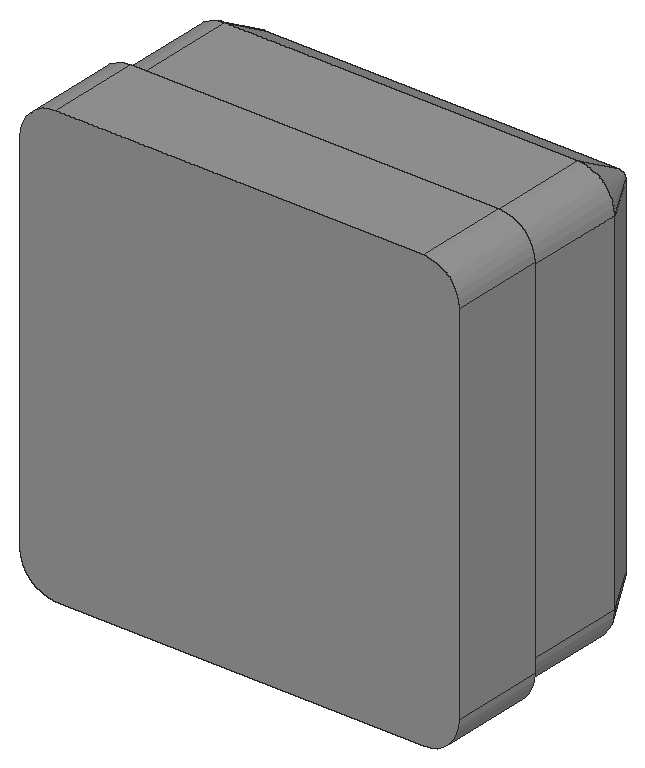
Revit family "IEK_РозеткаТелевизионная_ОткрытойУстановки_1-местная_ОКТАВА", category Устройства связи, Revit 2019
Family settings
  Сохранять ориентацию аннотаций = Да
  Размер круглого соединителя = Использовать диаметр
  Тип детали = Нормальный
  На основе рабочей плоскости = Нет
  Всегда вертикально = Да
  При загрузке вырезать с полостями = Нет
  Общий = Нет
  Точка расчета площади = Нет
Parameters (values of type "РТВ20-ОКм")
  Ширина = 61 mm  # constant formula
  Тип монтажа = "Поверхность монтажа (открытая установка)"  # constant formula
  Тип соединителя или разъема = "TV-SAT"  # constant formula
  Изготовитель = "IEK"  # constant formula
  Дата изменения = ""
  Глубина = 35 mm  # constant formula
  Высота = 61 mm  # constant formula
  ΔХ [instance] = 2000 mm
  ΔY [instance] = 2000 mm
  KSI_CPr_Строительные изделия = ""
  KSI_CMa_Строительные материалы = "01.7.14.03"  # constant formula
  IEK_Цена за единицу = 124.86
  IEK_Поиск в таблице имен = ""
  IEK_Описание = "Универсальный дизайн серии открытой установки \"ОКТАВА\" позволяет устанавливать изделия в квартирах, загородных домах, офисных и производственных помещениях."
  IEK_URL = "https://www.iek.ru/products/catalog/izdeliya_elektroustanovochnye_udliniteli_i_silovye_razemy/elektroustanovochnye_izdeliya/elektroustanovochnye_izdeliya_otkrytogo_montazha_ip20/elektroustanovochnye_izdeliya_oktava/elektroustanovochnye_izdeliya_oktava_tsvet_kremovyy/rozetka_1_mestnaya_dlya_otkrytoy_ustanovki_televizionnaya_rtv20_okm_oktava_kremovyy_iek"
  ADSK_Примечание = ""
  ADSK_Позиция [instance] = ""
  ADSK_Наименование = "Розетка 1-местная для открытой установки телевизионная РТВ20-ОКм ОКТАВА кремовый IEK"
  ADSK_Материал обозначение = ""
  ADSK_Материал наименование = "Пластик"  # constant formula
  ADSK_Материал = Цвет кремовый
  ADSK_Масса = 0.051
  ADSK_Марка = "ОКТАВА"  # constant formula
  ADSK_Код изделия = "EAO10-K33-DC"
  ADSK_Завод-изготовитель = "IEK"  # constant formula
  ADSK_Единица измерения = "шт"  # constant formula
  ADSK_Группирование = "III ЭЛЕКТРОУСТАНОВОЧНЫЕ И ЭЛЕКТРОМОНТАЖНЫЕ ИЗДЕЛИЯ"  # constant formula
  ADSK_Версия семейства = "1.0"  # constant formula
  ADSK_Версия Revit = "2019"  # constant formula
  ADSK_URL страницы изделия = "https://www.iek.ru/products/catalog/izdeliya_elektroustanovochnye_udliniteli_i_silovye_razemy/elektroustanovochnye_izdeliya/elektroustanovochnye_izdeliya_otkrytogo_montazha_ip20/elektroustanovochnye_izdeliya_oktava/"
Types (3, lengths in mm): name | IEK_Цена за единицу | IEK_URL | ADSK_Наименование | ADSK_Материал | ADSK_Масса | ADSK_Код изделия
  (no name) | 124.86 | "https://www.iek.ru/products/catalog/izdeliya_elektroustanovochnye_udliniteli_i_silovye_razemy/elektroustanovochnye_izdeliya/elektroustanovochnye_izdeliya_otkrytogo_montazha_ip20/elektroustanovochnye_izdeliya_oktava/elektroustanovochnye_izdeliya_oktava_tsvet_kremovyy/rozetka_1_mestnaya_dlya_otkrytoy_ustanovki_televizionnaya_rtv20_okm_oktava_kremovyy_iek" | "Розетка 1-местная для открытой установки телевизионная РТВ20-ОКм ОКТАВА кремовый IEK" | Цвет кремовый | 0.051 | "EAO10-K33-DC"
  РТВ20-ОКм | 124.86 | "https://www.iek.ru/products/catalog/izdeliya_elektroustanovochnye_udliniteli_i_silovye_razemy/elektroustanovochnye_izdeliya/elektroustanovochnye_izdeliya_otkrytogo_montazha_ip20/elektroustanovochnye_izdeliya_oktava/elektroustanovochnye_izdeliya_oktava_tsvet_kremovyy/rozetka_1_mestnaya_dlya_otkrytoy_ustanovki_televizionnaya_rtv20_okm_oktava_kremovyy_iek" | "Розетка 1-местная для открытой установки телевизионная РТВ20-ОКм ОКТАВА кремовый IEK" | Цвет кремовый | 0.051 | "EAO10-K33-DC"
  РТВ20-ОС | 165.88 | "https://www.iek.ru/products/catalog/izdeliya_elektroustanovochnye_udliniteli_i_silovye_razemy/elektroustanovochnye_izdeliya/elektroustanovochnye_izdeliya_otkrytogo_montazha_ip20/elektroustanovochnye_izdeliya_oktava/elektroustanovochnye_izdeliya_oktava_tsvet_sosna/rozetka_1_mestnaya_dlya_otkrytoy_ustanovki_televizionnaya_rtv20_os_oktava_sosna_iek" | "Розетка 1-местная для открытой установки телевизионная РТВ20-ОС ОКТАВА сосна IEK" | Цвет сосна | 0.050926 | "EAO10-K03-DC"
Reference planes
  plane 1 "По центру (Вперед/Назад)": y = 0
  plane 2: z = 0
  plane 3 "По центру (Влево/Вправо)": x = 0
  plane 4 "Высота ножек": z = 280
  plane 5 "Высота": z = 2081.496
  plane 6: x = -2000
  plane 7: y = 2000
Forms (mm)
  Extrusion 1, solid, detail levels coarse
    sketch origin (0, -9, 0) x (1, 0, 0) y (0, 1, 0)
      loop
        line (-30.5, 44) -> (-30.5, 9) -> (30.5, 9) -> (30.5, 44) -> (-30.5, 44)
    from 0 to 61
  Extrusion 2, solid, detail levels medium
    sketch origin (0, 34, 0) x (1, 0, 0) y (0, 1, 0)
      loop
        line (-30.5, 1) -> (-30.5, -34) -> (30.5, -34) -> (30.5, 1) -> (-30.5, 1)
    from 0 to 61
  Extrusion 3, solid, material "Цвет кремовый" <- "ADSK_Материал", detail levels fine
    sketch origin (0, 0, 30.5) x (1, 0, 0) y (0, 0, -1)
      loop
        line (-30.5, 25.5) -> (-30.5, -25.5)
        arc (-30.5, -25.5) -> (-29.036, -29.036) -> (-25.5, -30.5) r 5
        line (-25.5, -30.5) -> (25.5, -30.5)
        arc (25.5, -30.5) -> (29.036, -29.036) -> (30.5, -25.5) r 5
        line (30.5, -25.5) -> (30.5, 25.5)
        arc (30.5, 25.5) -> (29.036, 29.036) -> (25.5, 30.5) r 5
        line (25.5, 30.5) -> (-25.5, 30.5)
        arc (-25.5, 30.5) -> (-29.036, 29.036) -> (-30.5, 25.5) r 5
    from 0 to 13
  Extrusion 4, solid, material "Цвет кремовый" <- "ADSK_Материал", detail levels fine
    sketch origin (0, 0, 30.5) x (1, 0, 0) y (0, 0, -1)
      loop
        line (-29.5, 24.462) -> (-29.5, -24.462)
        arc (-29.5, -24.462) -> (-28.024, -28.024) -> (-24.462, -29.5) r 5.038
        line (-24.462, -29.5) -> (24.505, -29.5)
        arc (24.505, -29.5) -> (28.037, -28.037) -> (29.5, -24.505) r 4.995
        line (29.5, -24.505) -> (29.5, 24.505)
        arc (29.5, 24.505) -> (28.037, 28.037) -> (24.505, 29.5) r 4.995
        line (24.505, 29.5) -> (-24.462, 29.5)
        arc (-24.462, 29.5) -> (-28.024, 28.024) -> (-29.5, 24.462) r 5.038
    from 13 to 28
  Blend 5, solid, material "Цвет кремовый" <- "ADSK_Материал", detail levels fine
    base sketch origin (0, 0, 30.5) x (1, 0, 0) y (0, 0, -1)
      loop
        line (-29.5, 24.462) -> (-29.5, -24.462)
        arc (-29.5, -24.462) -> (-28.024, -28.024) -> (-24.462, -29.5) r 5.038
        line (-24.462, -29.5) -> (24.505, -29.5)
        arc (24.505, -29.5) -> (28.037, -28.037) -> (29.5, -24.505) r 4.995
        line (29.5, -24.505) -> (29.5, 24.505)
        arc (29.5, 24.505) -> (28.037, 28.037) -> (24.505, 29.5) r 4.995
        line (24.505, 29.5) -> (-24.462, 29.5)
        arc (-24.462, 29.5) -> (-28.024, 28.024) -> (-29.5, 24.462) r 5.038
    top sketch origin (0, 0, 30.5) x (1, 0, 0) y (0, 0, -1)
      loop
        line (-25.459, 24.5) -> (-25.459, -24.5)
        arc (-25.459, -24.5) -> (-25.178, -25.178) -> (-24.5, -25.459) r 0.959
        line (-24.5, -25.459) -> (24.5, -25.459)
        arc (24.5, -25.459) -> (25.178, -25.178) -> (25.459, -24.5) r 0.959
        line (25.459, -24.5) -> (25.459, 24.5)
        arc (25.459, 24.5) -> (25.178, 25.178) -> (24.5, 25.459) r 0.959
        line (24.5, 25.459) -> (-24.5, 25.459)
        arc (-24.5, 25.459) -> (-25.178, 25.178) -> (-25.459, 24.5) r 0.959
    from 28 to 35
  Extrusion 6, void
    sketch origin (0, 0, 30.5) x (1, 0, 0) y (0, 0, -1)
      loop
        arc (-23.459, -21.459) -> (-22.873, -22.873) -> (-21.459, -23.459) r 2
        line (-21.459, -23.459) -> (21.459, -23.459)
        arc (21.459, -23.459) -> (22.873, -22.873) -> (23.459, -21.459) r 2
        line (23.459, -21.459) -> (23.459, 21.459)
        arc (23.459, 21.459) -> (22.873, 22.873) -> (21.459, 23.459) r 2
        line (21.459, 23.459) -> (-21.459, 23.459)
        arc (-21.459, 23.459) -> (-22.873, 22.873) -> (-23.459, 21.459) r 2
        line (-23.459, 21.459) -> (-23.459, -21.459)
    from 34.5 to 35
  Extrusion 7, solid, material "Латунь", detail levels fine
    sketch origin (0, 0, 0) x (1, 0, 0) y (0, 0, 1)
      loop
        circle (0, 30.5) r 5
      loop
        circle (0, 30.5) r 2.5
      loop
        circle (0, 30.5) r 1.25
      loop
        circle (0, 30.5) r 4.604
    from -20.002 to -34.5
  Extrusion 8, void
    sketch origin (0, 0, 0) x (1, 0, 0) y (0, 0, 1)
      loop
        circle (0, 30.5) r 5
    from -20.002 to -35
  Extrusion 9, solid, material "Латунь", detail levels fine
    sketch origin (0, 0, 0) x (1, 0, 0) y (0, 0, 1)
      loop
        line (5.807, 36.654) -> (-5.825, 36.654) -> (-5.825, 24.547) -> (5.807, 24.547) -> (5.807, 36.654)
    from -20.002 to -28.414
Cuts and joins
  Extrusion 6, Extrusion 8 cuts Blend 5
  Extrusion 8 cuts Extrusion 3
Lines and regions (mm)
  reference lines
    curve 1: line (0, 44.647, 0) -> (0, -55.353, 0)
    curve 2: line (-23.829, 0, 0) -> (76.171, 0, 0)
Dimensions and locks
  locked: plane 4 "Высота ножек" to plane 2 at 280
  plane 5 "Высота" to plane 4 "Высота ножек" = 1801.496 mm
  "ΔХ": plane 6 to curve 1
  "ΔY": plane 7 to curve 2
  aligned and locked: level to plane 2
  aligned and locked: nested 1 to curve 1
  aligned and locked: curve 2 to nested 1
  aligned and locked: Extrusion 1 to Extrusion 2  (x3)
  aligned and locked: plane 1 "По центру (Вперед/Назад)" to Extrusion 1
  aligned and locked: Extrusion 7 to cut or joined group of Blend 5, Extrusion 6, Extrusion 8
Automatic sketch dimensions
  plane 1 "По центру (Вперед/Назад)" to Extrusion 1 sketch curve = 0 mm
  Extrusion 1 sketch curve to plane 3 "По центру (Влево/Вправо)" = 30.5 mm
  plane 3 "По центру (Влево/Вправо)" to Extrusion 1 sketch curve = 30.5 mm
  Extrusion 1 sketch curve to plane 1 "По центру (Вперед/Назад)" = 35 mm
  plane 1 "По центру (Вперед/Назад)" to Extrusion 2 sketch curve = 0 mm
  Extrusion 2 sketch curve to plane 3 "По центру (Влево/Вправо)" = 30.5 mm
  plane 3 "По центру (Влево/Вправо)" to Extrusion 2 sketch curve = 30.5 mm
  Extrusion 2 sketch curve to Extrusion 2 sketch curve = 35 mm
  level to Extrusion 3 sketch curve = 5 mm  (x2)
  Extrusion 3 sketch curve to plane 3 "По центру (Влево/Вправо)" = 30.5 mm
  Extrusion 3 sketch curve to Extrusion 3 sketch curve = 5 mm  (x2)
  plane 3 "По центру (Влево/Вправо)" to Extrusion 3 sketch curve = 25.5 mm  (x2)
  level to Extrusion 3 sketch curve = 56 mm
  Extrusion 4 sketch curve to plane 3 "По центру (Влево/Вправо)" = 29.5 mm
  Extrusion 4 sketch curve to Extrusion 4 sketch curve = 5.038 mm  (x2)
  level to Extrusion 4 sketch curve = 1 mm
  plane 3 "По центру (Влево/Вправо)" to Extrusion 4 sketch curve = 24.505 mm  (x2)
  Extrusion 4 sketch curve to Extrusion 4 sketch curve = 4.995 mm
  level to Extrusion 4 sketch curve = 54.962 mm
  Extrusion 4 sketch curve to Extrusion 4 sketch curve = 0 mm  (x2)
  level to Blend 5 sketch curve = 6.038 mm
  Blend 5 sketch curve to plane 3 "По центру (Влево/Вправо)" = 29.5 mm
  Blend 5 sketch curve to Blend 5 sketch curve = 5.038 mm  (x2)
  plane 3 "По центру (Влево/Вправо)" to Blend 5 sketch curve = 24.505 mm  (x2)
  level to Blend 5 sketch curve = 5.995 mm
  level to Blend 5 sketch curve = 54.962 mm
  level to Blend 5 sketch curve = 6 mm  (x2)
  Blend 5 sketch curve to plane 3 "По центру (Влево/Вправо)" = 25.459 mm
  Blend 5 sketch curve to Blend 5 sketch curve = 0.959 mm  (x2)
  plane 3 "По центру (Влево/Вправо)" to Blend 5 sketch curve = 24.5 mm  (x2)
  level to Blend 5 sketch curve = 55 mm
  Extrusion 6 sketch curve to plane 3 "По центру (Влево/Вправо)" = 23.459 mm
  Extrusion 6 sketch curve to Extrusion 6 sketch curve = 2 mm  (x3)
  level to Extrusion 6 sketch curve = 7.041 mm
  plane 3 "По центру (Влево/Вправо)" to Extrusion 6 sketch curve = 21.459 mm  (x2)
  level to Extrusion 6 sketch curve = 51.959 mm
  Extrusion 7 sketch curve to Extrusion 7 sketch curve = 0 mm  (x20)
  Extrusion 7 sketch curve to plane 3 "По центру (Влево/Вправо)" = 0 mm
  level to Extrusion 7 sketch curve = 30.5 mm
  Extrusion 7 sketch curve to plane 3 "По центру (Влево/Вправо)" = 5 mm
  Extrusion 8 sketch curve to Extrusion 8 sketch curve = 0 mm  (x2)
  Extrusion 8 sketch curve to plane 3 "По центру (Влево/Вправо)" = 0 mm
  level to Extrusion 8 sketch curve = 30.5 mm
  Extrusion 8 sketch curve to plane 3 "По центру (Влево/Вправо)" = 5 mm
  Extrusion 9 sketch curve to plane 3 "По центру (Влево/Вправо)" = 5.825 mm
  plane 3 "По центру (Влево/Вправо)" to Extrusion 9 sketch curve = 5.807 mm
  level to Extrusion 9 sketch curve = 24.547 mm
  Extrusion 9 sketch curve to Extrusion 9 sketch curve = 12.107 mm
  curve 2 to plane 3 "По центру (Влево/Вправо)" = 23.829 mm
  plane 3 "По центру (Влево/Вправо)" to curve 2 = 76.171 mm
  plane 1 "По центру (Вперед/Назад)" to curve 1 = 55.353 mm
  curve 1 to plane 1 "По центру (Вперед/Назад)" = 44.647 mm
  radius of Extrusion 7 sketch curve = 2.5 mm
  radius of Extrusion 7 sketch curve = 1.25 mm
  radius of Extrusion 7 sketch curve = 4.604 mm
Nested families
  nested 1: "УГО Розетки связистской" at (0, 0, 0), type "Розетка телевизионная", detail levels coarse+medium
Connectors
  electrical at (0, 17.5, 0)
    settings: on Extrusion 1, index 1, voltage 0 V, apparent load 0 VA, apparent load phase1 0 VA, apparent load phase2 0 VA, apparent load phase3 0 VA, power factor 1, load classification "Прочее", number of poles 1, system type 9, power factor state 1, is connector primary yes, connector utility no, sub classification motor no, connector description ""
Definition of nested family "УГО Розетки связистской"
  Parameters (values of type "Розетка двухместная телефонная")
    Розетка телефонная = no
    Розетка сетевая (Интернет) = no
    Розетка сетевая и телефонная = no
    Розетка телевизионная = no
    Розетка двухместная телефонная = yes
  Types (5, lengths in mm): name | Розетка телефонная | Розетка сетевая (Интернет) | Розетка сетевая и телефонная | Розетка телевизионная | Розетка двухместная телефонная
    Розетка телевизионная | no | no | no | yes | no
    Розетка сетевая (Интернет) | no | yes | no | no | no
    Розетка сетевая и телефонная | no | no | yes | no | no
    Розетка телефонная | yes | no | no | no | no
    Розетка двухместная телефонная | no | no | no | no | yes
  Reference planes
    plane 1: y = 0
    plane 2: x = 0
  Lines and regions (mm)
    Filled region 1, type "Цветовая область 1", visible <- "Розетка телефонная"
      outline origin (0, 0, 0) x (1, 0, 0) y (0, 1, 0)
        loop
          line (-0.512, 1.977) -> (-0.512, 3.023) -> (-1.53, 3.023) -> (-1.53, 1.977) -> (-0.512, 1.977)
        loop
          line (0.512, 1.977) -> (1.53, 1.977) -> (1.53, 3.023) -> (0.512, 3.023) -> (0.512, 1.977)
    Filled region 2, type "Цветовая область 1", visible <- "Розетка телефонная", not visible
      outline origin (0, 0, 0) x (1, 0, 0) y (0, 1, 0)
        loop
          line (8.078, 7.617) -> (8.078, 8.664) -> (7.06, 8.664) -> (7.06, 7.617) -> (8.078, 7.617)
        loop
          line (9.101, 7.617) -> (10.119, 7.617) -> (10.119, 8.664) -> (9.101, 8.664) -> (9.101, 7.617)
    Filled region 3, type "Цветовая область 1", visible <- "Розетка сетевая и телефонная"
      outline origin (0, 0, 0) x (1, 0, 0) y (0, 1, 0)
        loop
          line (0.994, 4) -> (0.994, 3) -> (1.994, 3) -> (1.994, 4) -> (0.994, 4)
        loop
          line (3.019, 3) -> (4.019, 3) -> (4.019, 4) -> (3.019, 4) -> (3.019, 3)
    Filled region 4, type "Цветовая область 1", visible <- "Розетка сетевая и телефонная", not visible
      outline origin (0, 0, 0) x (1, 0, 0) y (0, 1, 0)
        loop
          line (28.769, 14.987) -> (28.769, 13.987) -> (29.769, 13.987) -> (29.769, 14.987) -> (28.769, 14.987)
        loop
          line (30.794, 13.987) -> (31.794, 13.987) -> (31.794, 14.987) -> (30.794, 14.987) -> (30.794, 13.987)
    Filled region 5, type "Цветовая область 1", visible <- "Розетка двухместная телефонная"
      outline origin (0, 0, 0) x (1, 0, 0) y (0, 1, 0)
        loop
          line (-0.512, 1.977) -> (-0.512, 3.023) -> (-1.53, 3.023) -> (-1.53, 1.977) -> (-0.512, 1.977)
        loop
          line (0.512, 1.977) -> (1.53, 1.977) -> (1.53, 3.023) -> (0.512, 3.023) -> (0.512, 1.977)
    Filled region 6, type "Цветовая область 1", visible <- "Розетка двухместная телефонная", not visible
      outline origin (0, 0, 0) x (1, 0, 0) y (0, 1, 0)
        loop
          line (39.096, 13.207) -> (39.096, 14.254) -> (38.078, 14.254) -> (38.078, 13.207) -> (39.096, 13.207)
        loop
          line (40.119, 13.207) -> (41.137, 13.207) -> (41.137, 14.254) -> (40.119, 14.254) -> (40.119, 13.207)
    detail lines
      curve 1: line (0.006, 0, 0) -> (0.006, 2.454, 0)
      curve 2: line (0.006, 0, 0) -> (2.217, 0, 0)
    detail lines, visible <- "Розетка сетевая (Интернет)", not visible
      curve 3: line (2.5, 1.221, 0) -> (-2.5, 1.221, 0)
      curve 4: line (2.5, 6.221, 0) -> (-2.5, 6.221, 0)
      curve 5: line (0, 6.221, 0) -> (-2.5, 1.221, 0)
      curve 6: line (0, 6.221, 0) -> (2.5, 1.221, 0)
    detail lines, visible <- "Розетка телевизионная", not visible
      curve 7: line (19.458, 13.285, 0) -> (24.458, 13.285, 0)
      curve 8: line (19.458, 8.285, 0) -> (24.458, 8.285, 0)
      curve 9: line (21.958, 13.285, 0) -> (19.458, 8.285, 0)
      curve 10: line (21.958, 13.285, 0) -> (24.458, 8.285, 0)
    detail lines, visible <- "Розетка сетевая (Интернет)"
      curve 11: line (2.506, 0, 0) -> (-2.494, 0, 0)
      curve 12: line (2.506, 5, 0) -> (-2.494, 5, 0)
      curve 13: line (0.006, 5, 0) -> (-2.494, 0, 0)
      curve 14: line (0.006, 5, 0) -> (2.506, 0, 0)
    detail lines, visible <- "Розетка телевизионная"
      curve 15: line (-2.494, 5, 0) -> (2.506, 5, 0)
      curve 16: line (-2.494, 0, 0) -> (2.506, 0, 0)
      curve 17: line (0.006, 5, 0) -> (-2.494, 0, 0)
      curve 18: line (0.006, 5, 0) -> (2.506, 0, 0)
    detail lines, visible <- "Розетка телефонная"
      curve 19: circle (0.006, 2.5, 0) r 2.5 normal (0, 0, 1)
      curve 21: line (-1.53, 3.023, 0) -> (-1.53, 1.977, 0)
      curve 22: line (-1.53, 1.977, 0) -> (-0.512, 1.977, 0)
      curve 23: line (-0.512, 1.977, 0) -> (-0.512, 3.023, 0)
      curve 24: line (-0.512, 3.023, 0) -> (-1.53, 3.023, 0)
      curve 25: line (1.53, 3.023, 0) -> (1.53, 1.977, 0)
      curve 26: line (1.53, 1.977, 0) -> (0.512, 1.977, 0)
      curve 27: line (0.512, 1.977, 0) -> (0.512, 3.023, 0)
      curve 28: line (0.512, 3.023, 0) -> (1.53, 3.023, 0)
    detail lines, visible <- "Розетка телефонная", not visible
      curve 20: circle (8.596, 8.14, 0) r 2.5 normal (0, 0, 1)
      curve 29: line (7.06, 8.664, 0) -> (7.06, 7.617, 0)
      curve 30: line (7.06, 7.617, 0) -> (8.078, 7.617, 0)
      curve 31: line (8.078, 7.617, 0) -> (8.078, 8.664, 0)
      curve 32: line (8.078, 8.664, 0) -> (7.06, 8.664, 0)
      curve 33: line (10.119, 8.664, 0) -> (10.119, 7.617, 0)
      curve 34: line (10.119, 7.617, 0) -> (9.101, 7.617, 0)
      curve 35: line (9.101, 7.617, 0) -> (9.101, 8.664, 0)
      curve 36: line (9.101, 8.664, 0) -> (10.119, 8.664, 0)
    detail lines, visible <- "Розетка сетевая и телефонная"
      curve 37: line (-5.994, 7, 0) -> (6.006, 7, 0)
      curve 38: line (-5.994, 0, 0) -> (-5.994, 7, 0)
      curve 39: line (6.006, 0, 0) -> (-5.994, 0, 0)
      curve 40: line (6.006, 7, 0) -> (6.006, 0, 0)
      curve 41: line (-4.994, 1, 0) -> (0.006, 1, 0)
      curve 42: line (-2.474, 6, 0) -> (-4.994, 1, 0)
      curve 43: line (-2.474, 6, 0) -> (0.006, 1, 0)
      curve 44: circle (2.506, 3.5, 0) r 2.5 normal (0, 0, 1)
      curve 45: line (-4.994, 6, 0) -> (0.006, 6, 0)
      curve 46: line (0.994, 4, 0) -> (0.994, 3, 0)
      curve 47: line (0.994, 3, 0) -> (1.994, 3, 0)
      curve 48: line (1.994, 3, 0) -> (1.994, 4, 0)
      curve 49: line (1.994, 4, 0) -> (0.994, 4, 0)
      curve 50: line (4.019, 4, 0) -> (4.019, 3, 0)
      curve 51: line (4.019, 3, 0) -> (3.019, 3, 0)
      curve 52: line (3.019, 3, 0) -> (3.019, 4, 0)
      curve 53: line (3.019, 4, 0) -> (4.019, 4, 0)
    detail lines, visible <- "Розетка сетевая и телефонная", not visible
      curve 54: line (21.782, 17.987, 0) -> (33.782, 17.987, 0)
      curve 55: line (21.782, 10.987, 0) -> (21.782, 17.987, 0)
      curve 56: line (33.782, 10.987, 0) -> (21.782, 10.987, 0)
      curve 57: line (33.782, 17.987, 0) -> (33.782, 10.987, 0)
      curve 58: line (22.782, 11.987, 0) -> (27.782, 11.987, 0)
      curve 59: line (25.301, 16.987, 0) -> (22.782, 11.987, 0)
      curve 60: line (25.301, 16.987, 0) -> (27.782, 11.987, 0)
      curve 61: circle (30.282, 14.487, 0) r 2.5 normal (0, 0, 1)
      curve 62: line (22.782, 16.987, 0) -> (27.782, 16.987, 0)
      curve 63: line (28.769, 14.987, 0) -> (28.769, 13.987, 0)
      curve 64: line (28.769, 13.987, 0) -> (29.769, 13.987, 0)
      curve 65: line (29.769, 13.987, 0) -> (29.769, 14.987, 0)
      curve 66: line (29.769, 14.987, 0) -> (28.769, 14.987, 0)
      curve 67: line (31.794, 14.987, 0) -> (31.794, 13.987, 0)
      curve 68: line (31.794, 13.987, 0) -> (30.794, 13.987, 0)
      curve 69: line (30.794, 13.987, 0) -> (30.794, 14.987, 0)
      curve 70: line (30.794, 14.987, 0) -> (31.794, 14.987, 0)
    detail lines, visible <- "Розетка двухместная телефонная"
      curve 71: circle (0.006, 2.5, 0) r 2.5 normal (0, 0, 1)
      curve 72: line (-1.53, 3.023, 0) -> (-1.53, 1.977, 0)
      curve 73: line (-1.53, 1.977, 0) -> (-0.512, 1.977, 0)
      curve 74: line (-0.512, 1.977, 0) -> (-0.512, 3.023, 0)
      curve 75: line (-0.512, 3.023, 0) -> (-1.53, 3.023, 0)
      curve 76: line (1.53, 3.023, 0) -> (1.53, 1.977, 0)
      curve 77: line (1.53, 1.977, 0) -> (0.512, 1.977, 0)
      curve 78: line (0.512, 1.977, 0) -> (0.512, 3.023, 0)
      curve 79: line (0.512, 3.023, 0) -> (1.53, 3.023, 0)
    detail lines, visible <- "Розетка двухместная телефонная", not visible
      curve 80: circle (39.614, 13.731, 0) r 2.5 normal (0, 0, 1)
      curve 81: line (38.078, 14.254, 0) -> (38.078, 13.207, 0)
      curve 82: line (38.078, 13.207, 0) -> (39.096, 13.207, 0)
      curve 83: line (39.096, 13.207, 0) -> (39.096, 14.254, 0)
      curve 84: line (39.096, 14.254, 0) -> (38.078, 14.254, 0)
      curve 85: line (41.137, 14.254, 0) -> (41.137, 13.207, 0)
      curve 86: line (41.137, 13.207, 0) -> (40.119, 13.207, 0)
      curve 87: line (40.119, 13.207, 0) -> (40.119, 14.254, 0)
      curve 88: line (40.119, 14.254, 0) -> (41.137, 14.254, 0)
  Text (mm)
    text "TV" at (20.688, 11.147, 0), visible <- "Розетка телевизионная", not visible
    text "TV" at (-1.264, 2.862, 0), visible <- "Розетка телевизионная"
    text "2" at (1.883, 7.136, 0), visible <- "Розетка двухместная телефонная"
    text "2" at (41.49, 18.367, 0), visible <- "Розетка двухместная телефонная", not visible
